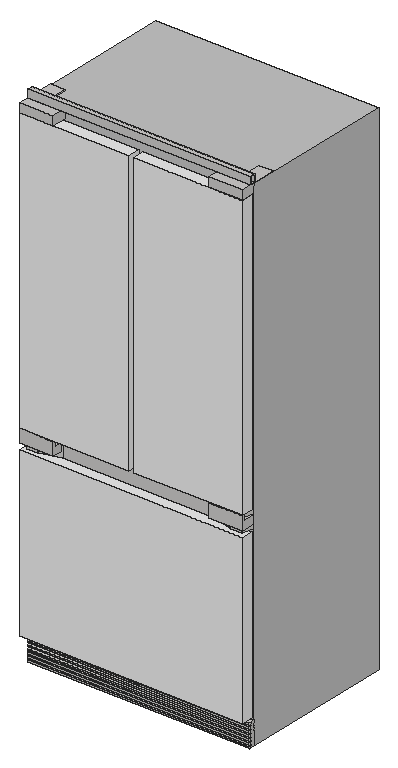
Revit family "FP_Revit_18_RS32A72J1_Fridge_90001163A", category Specialty Equipment, Revit 2018 (continued)
Definition of nested family "F&P Handle Kit - Contemporary Square - Vertical"
  Lines and regions (mm)
    sketch lines
      curve 6: line (8, -29.487, -363.5) -> (8, -40.5, -363.5)
      curve 7: arc (6.5, -42, -363.5) -> (7.561, -41.561, -363.5) -> (8, -40.5, -363.5) r 1.5
      curve 8: line (6.5, -42, -363.5) -> (-6.5, -42, -363.5)
      curve 9: arc (-8, -40.5, -363.5) -> (-7.561, -41.561, -363.5) -> (-6.5, -42, -363.5) r 1.5
      curve 10: line (-8, -40.5, -363.5) -> (-8, -29.514, -363.5)
  Dimensions and locks
    equal spacing: plane 4 "Top", level, plane 5 "Bottom"
    "Handle - Length": plane 4 "Top" to plane 5 "Bottom"
    locked: plane 4 "Top" to plane 6 "Top Standoff" at 120
    locked: plane 7 "Bottom Standoff" to plane 5 "Bottom" at 120
    aligned and locked: level to plane 2
    aligned and locked: plane 4 "Top" to Extrusion 2
    aligned and locked: Extrusion 2 to plane 6 "Top Standoff"
    aligned and locked: plane 4 "Top" to Extrusion 1
    aligned and locked: Extrusion 1 to plane 5 "Bottom"
    aligned and locked: Extrusion 3 to plane 5 "Bottom"
    aligned and locked: plane 7 "Bottom Standoff" to Extrusion 3
    aligned and locked: plane 4 "Top" to Extrusion 8 sketch curve
    aligned and locked: plane 6 "Top Standoff" to Extrusion 8 sketch curve
    aligned and locked: plane 7 "Bottom Standoff" to Extrusion 8 sketch curve
    aligned and locked: plane 5 "Bottom" to Extrusion 8 sketch curve
    aligned and locked: plane 1 "Center (Front/Back)" to Extrusion 8 sketch curve  (x2)
  Automatic sketch dimensions
    Extrusion 1 sketch curve to plane 3 "Center (Left/Right)" = 8 mm
    Extrusion 1 sketch curve to Extrusion 1 sketch curve = 1 mm  (x2)
    Extrusion 1 sketch curve to Extrusion 1 sketch curve = 1.5 mm
    plane 3 "Center (Left/Right)" to Extrusion 1 sketch curve = 0.018 mm
    plane 3 "Center (Left/Right)" to Extrusion 1 sketch curve = 6.5 mm
    plane 3 "Center (Left/Right)" to Extrusion 1 sketch curve = 7 mm
    plane 1 "Center (Front/Back)" to Extrusion 1 sketch curve = 42 mm
    Extrusion 1 sketch curve to Extrusion 1 sketch curve = 1.206 mm
    Extrusion 1 sketch curve to Extrusion 1 sketch curve = 10.986 mm
    Extrusion 1 sketch curve to Extrusion 1 sketch curve = 11.013 mm
    Extrusion 1 sketch curve to Extrusion 1 sketch curve = 0 mm
    plane 1 "Center (Front/Back)" to Extrusion 2 sketch curve = 0 mm
    Extrusion 2 sketch curve to plane 3 "Center (Left/Right)" = 7.674 mm
    Extrusion 2 sketch curve to Extrusion 2 sketch curve = 0.4 mm  (x2)
    Extrusion 2 sketch curve to plane 3 "Center (Left/Right)" = 0.026 mm
    plane 3 "Center (Left/Right)" to Extrusion 2 sketch curve = 7.274 mm
    plane 1 "Center (Front/Back)" to Extrusion 2 sketch curve = 27.86 mm
    Extrusion 2 sketch curve to Extrusion 2 sketch curve = 0.033 mm
    Extrusion 2 sketch curve to Extrusion 2 sketch curve = 11.398 mm
    Extrusion 2 sketch curve to Extrusion 2 sketch curve = 0 mm
    plane 1 "Center (Front/Back)" to Extrusion 3 sketch curve = 0 mm
    Extrusion 3 sketch curve to Extrusion 3 sketch curve = 0.4 mm  (x2)
    Extrusion 3 sketch curve to Extrusion 3 sketch curve = 7.248 mm
    Extrusion 3 sketch curve to Extrusion 3 sketch curve = 7.3 mm
    plane 1 "Center (Front/Back)" to Extrusion 3 sketch curve = 27.86 mm
    Extrusion 3 sketch curve to Extrusion 3 sketch curve = 0.033 mm
    Extrusion 3 sketch curve to Extrusion 3 sketch curve = 11.398 mm
    Extrusion 3 sketch curve to Extrusion 3 sketch curve = 0 mm
    Sweep 4 sketch curve to profile plane = 0 mm  (x2)
    Sweep 4 sketch curve to profile plane = 1.3 mm  (x2)
    Sweep 5 sketch curve to profile plane = 0 mm  (x2)
    Sweep 5 sketch curve to profile plane = 1.3 mm  (x2)
    Extrusion 6 sketch curve to plane 5 "Bottom" = 0 mm  (x2)
    plane 5 "Bottom" to Extrusion 6 sketch curve = 1.3 mm  (x2)
    Extrusion 6 sketch curve to plane 3 "Center (Left/Right)" = 8 mm
    Extrusion 6 sketch curve to Extrusion 6 sketch curve = 1.3 mm  (x2)
    plane 3 "Center (Left/Right)" to Extrusion 6 sketch curve = 8 mm
    Extrusion 7 sketch curve to plane 4 "Top" = 0 mm  (x2)
    Extrusion 7 sketch curve to plane 3 "Center (Left/Right)" = 8 mm
    Extrusion 7 sketch curve to Extrusion 7 sketch curve = 1.3 mm  (x2)
    plane 3 "Center (Left/Right)" to Extrusion 7 sketch curve = 8 mm
    Extrusion 7 sketch curve to plane 4 "Top" = 1.3 mm  (x2)
    plane 1 "Center (Front/Back)" to Extrusion 8 sketch curve = 26.245 mm
    plane 1 "Center (Front/Back)" to Extrusion 8 sketch curve = 42 mm
    Extrusion 3 sketch curve to plane 3 "Center (Left/Right)" = 7.674 mm
Definition of nested family "F&P Handle Kit - Professional Round - Horizontal"
  Parameters (values of type "AHCRS3272A - Professional round handle (2 of 2) (Horizontal) 646mm")
    URL = "www.fisherpaykel.com"
    Material - Standoff = none
    Material - Handle = none
    Manufacturer = "Fisher & Paykel Appliances"
    Handle - Length = 646 mm
  Types (5, lengths in mm): name | Handle - Length
    AHCRD2484W - Professional round handle (2 of 2) (Horizontal) 428mm | 428
    AHCRD3084W - Professional round handle (2 of 2) (Horizontal) 580mm | 646
    AHCRS3272A - Professional round handle (2 of 2) (Horizontal) 646mm | 646
    AHCRS36A - Professional round handle (2 of 2) (Horizontal) 746mm | 746
    AHCRS3272A - Professional round handle (2 of 2) (Horizontal) 580mm | 646
  Reference planes
    plane 1 "Center (Front/Back)": y = 0
    plane 2: z = 0
    plane 3 "Center (Left/Right)": x = 0
    plane 4 "Product LHS": x = -323
    plane 5 "Product RHS": x = 323
    plane 6 "LHS Standoff": x = -279
    plane 7 "RHS Standoff": x = 279
  Forms (mm)
    Extrusion 1, solid, material <- "Material - Standoff", detail levels fine
      sketch origin (0, 0, 0) x (0, 1, 0) y (0, 0, 1)
        loop
          line (0, 18.5) -> (-41.7, 18.5)
          arc (-41.7, 18.5) -> (-60.2, 0) -> (-41.7, -18.5) r 18.5
          line (-41.7, -18.5) -> (0, -18.5) -> (0, 18.5)
      from 279 to 323
    Extrusion 2, solid, material <- "Material - Standoff", detail levels fine
      sketch origin (0, 0, 0) x (0, 1, 0) y (0, 0, 1)
        loop
          line (0, 18.5) -> (-41.7, 18.5)
          arc (-41.7, 18.5) -> (-60.2, 0) -> (-41.7, -18.5) r 18.5
          line (-41.7, -18.5) -> (0, -18.5) -> (0, 18.5)
      from -323 to -279
    Sweep 3, void
      path in 3D
        loop
          line (323, 0, 18.5) -> (323, -41.7, 18.5)
          arc (323, -41.7, 18.5) -> (323, -60.2, 0) -> (323, -41.7, -18.5) r 18.5
          line (323, -41.7, -18.5) -> (323, 0, -18.5)
      profile origin (323, -20.85, 18.5) x (1, 0, 0) y (0, 0, 1)
        loop
          line (0, 0) -> (-3, 0) -> (0, -3) -> (0, 0)
    Sweep 4, void
      path in 3D
        loop
          line (-323, 0, -18.5) -> (-323, -41.7, -18.5)
          arc (-323, -41.7, -18.5) -> (-323, -60.2, 0) -> (-323, -41.7, 18.5) r 18.5
          line (-323, -41.7, 18.5) -> (-323, 0, 18.5)
      profile origin (-323, -20.85, 18.5) x (-1, 0, 0) y (0, 0, 1)
        loop
          line (0, 0) -> (-3, 0) -> (0, -3) -> (0, 0)
    Extrusion 5, solid, material <- "Material - Handle"
      sketch origin (0, -2.3, 0) x (0, 1, 0) y (0, 0, 1)
        loop
          circle (-39.4, 0) r 12.7
      from -279 to 279
    Extrusion 6, solid, material <- "Material - Standoff", detail levels coarse+medium
      sketch origin (0, 0, 0) x (0, 1, 0) y (0, 0, 1)
        loop
          line (0, 18.5) -> (-41.7, 18.5)
          arc (-41.7, 18.5) -> (-60.2, 0) -> (-41.7, -18.5) r 18.5
          line (-41.7, -18.5) -> (0, -18.5) -> (0, 18.5)
      from 323 to 279
    Extrusion 7, solid, material <- "Material - Standoff", detail levels coarse+medium
      sketch origin (0, 0, 0) x (0, 1, 0) y (0, 0, 1)
        loop
          line (0, 18.5) -> (-41.7, 18.5)
          arc (-41.7, 18.5) -> (-60.2, 0) -> (-41.7, -18.5) r 18.5
          line (-41.7, -18.5) -> (0, -18.5) -> (0, 18.5)
      from -279 to -323
  Cuts and joins
    Sweep 3 cuts Extrusion 1
    Sweep 4 cuts Extrusion 2
  Lines and regions (mm)
    sketch lines
      curve 1: line (323, 0, 18.5) -> (323, -41.7, 18.5)
      curve 2: arc (323, -41.7, -18.5) -> (323, -60.2, 0) -> (323, -41.7, 18.5) r 18.5
      curve 3: line (323, -41.7, -18.5) -> (323, 0, -18.5)
      curve 4: line (-323, -41.7, 18.5) -> (-323, 0, 18.5)
      curve 5: arc (-323, -41.7, 18.5) -> (-323, -60.2, 0) -> (-323, -41.7, -18.5) r 18.5
      curve 6: line (-323, 0, -18.5) -> (-323, -41.7, -18.5)
  Dimensions and locks
    equal spacing: plane 4 "Product LHS", plane 3 "Center (Left/Right)", plane 5 "Product RHS"
    "Handle - Length": plane 4 "Product LHS" to plane 5 "Product RHS"
    plane 4 "Product LHS" to plane 6 "LHS Standoff" = 44 mm
    plane 7 "RHS Standoff" to plane 5 "Product RHS" = 44 mm
    aligned and locked: level to plane 2
    aligned and locked: Extrusion 1 to plane 7 "RHS Standoff"
    aligned and locked: Extrusion 1 to plane 5 "Product RHS"
    aligned and locked: plane 4 "Product LHS" to Extrusion 2
    aligned and locked: plane 6 "LHS Standoff" to Extrusion 2
    aligned and locked: Extrusion 5 to plane 6 "LHS Standoff"
    aligned and locked: plane 7 "RHS Standoff" to Extrusion 5
    aligned and locked: plane 5 "Product RHS" to Extrusion 6
    aligned and locked: plane 7 "RHS Standoff" to Extrusion 6
    aligned and locked: Extrusion 7 to plane 4 "Product LHS"
    aligned and locked: Extrusion 7 to plane 6 "LHS Standoff"
  Automatic sketch dimensions
    Extrusion 1 sketch curve to level = 0 mm
    Extrusion 1 sketch curve to plane 1 "Center (Front/Back)" = 0 mm
    Extrusion 1 sketch curve to level = 18.5 mm
    plane 1 "Center (Front/Back)" to Extrusion 1 sketch curve = 41.7 mm
    Extrusion 2 sketch curve to level = 0 mm
    Extrusion 2 sketch curve to plane 1 "Center (Front/Back)" = 0 mm
    Extrusion 2 sketch curve to level = 18.5 mm
    plane 1 "Center (Front/Back)" to Extrusion 2 sketch curve = 41.7 mm
    Sweep 3 sketch curve to profile plane = 0 mm
    profile plane to Sweep 3 sketch curve = 0 mm
    profile plane to Sweep 3 sketch curve = 3 mm
    Sweep 3 sketch curve to profile plane = 3 mm
    Sweep 4 sketch curve to profile plane = 0 mm  (x2)
    profile plane to Sweep 4 sketch curve = 3 mm
    Sweep 4 sketch curve to profile plane = 3 mm
    Extrusion 5 sketch curve to level = 0 mm
    plane 1 "Center (Front/Back)" to Extrusion 5 sketch curve = 41.7 mm
    Extrusion 6 sketch curve to level = 0 mm
    level to Extrusion 6 sketch curve = 18.5 mm
    plane 1 "Center (Front/Back)" to Extrusion 6 sketch curve = 41.7 mm
    Extrusion 6 sketch curve to Extrusion 6 sketch curve = 41.7 mm
    Extrusion 7 sketch curve to level = 0 mm
    level to Extrusion 7 sketch curve = 18.5 mm
    plane 1 "Center (Front/Back)" to Extrusion 7 sketch curve = 41.7 mm
    Extrusion 7 sketch curve to Extrusion 7 sketch curve = 41.7 mm
    radius of Extrusion 5 sketch curve = 12.7 mm
Definition of nested family "F&P Handle Kit - Professional Round - Vertical"
  Parameters (values of type "AHCRS36A - Professional round handle (1 of 2) (Vertical) 661mm")
    URL = "www.fisherpaykel.com"
    Material - Standoff = none
    Material - Handle = none
    Manufacturer = "Fisher & Paykel Appliances"
    Handle - Length = 661 mm
  Types (5, lengths in mm): name | Handle - Length
    AHCRD2484W - Professional round handle (1 of 2) (Vertical) 661mm | 661
    AHCRD3084W - Professional round handle (1 of 2) (Vertical) 661mm | 661
    AHC-RD84 - Professional round handle (Vertical) 786mm | 786
    AHCRS3272A - Professional round handle (1 of 2) (Vertical) 661mm | 661
    AHCRS36A - Professional round handle (1 of 2) (Vertical) 661mm | 661
  Reference planes
    plane 1 "Center (Front/Back)": y = 0
    plane 2: z = 0
    plane 3 "Center (Left/Right)": x = 0
    plane 4 "Top": z = 330.5
    plane 5 "Bottom": z = -330.5
    plane 6 "Top Standoff": z = 286.5
    plane 7 "Bottom Standoff": z = -286.5
  Forms (mm)
    Extrusion 1, solid, material <- "Material - Standoff", detail levels fine
      sketch origin (0, 0, 0) x (1, 0, 0) y (0, 1, 0)
        loop
          line (-18.5, 0) -> (-18.5, -41.7)
          arc (-18.5, -41.7) -> (0, -60.2) -> (18.5, -41.7) r 18.5
          line (18.5, -41.7) -> (18.5, 0) -> (-18.5, 0)
      from 286.5 to 330.5
    Extrusion 2, solid, material <- "Material - Standoff", detail levels fine
      sketch origin (0, 0, 0) x (1, 0, 0) y (0, 1, 0)
        loop
          line (-18.5, 0) -> (-18.5, -41.7)
          arc (-18.5, -41.7) -> (0, -60.2) -> (18.5, -41.7) r 18.5
          line (18.5, -41.7) -> (18.5, 0) -> (-18.5, 0)
      from -330.5 to -286.5
    Extrusion 3, solid, material <- "Material - Handle"
      sketch origin (0, 0, 0) x (1, 0, 0) y (0, 1, 0)
        loop
          circle (0, -41.7) r 12.7
      from -286.5 to 286.5
    Sweep 4, void
      path in 3D
        loop
          line (-18.5, 0, 330.5) -> (-18.5, -41.7, 330.5)
          arc (-18.5, -41.7, 330.5) -> (0, -60.2, 330.5) -> (18.5, -41.7, 330.5) r 18.5
          line (18.5, -41.7, 330.5) -> (18.5, 0, 330.5)
      profile origin (18.5, -20.85, 330.5) x (-1, 0, 0) y (0, 0, 1)
        loop
          line (0, 0) -> (0, -3) -> (3, 0) -> (0, 0)
    Sweep 5, void
      path in 3D
        loop
          line (18.5, 0, -330.5) -> (18.5, -41.7, -330.5)
          arc (18.5, -41.7, -330.5) -> (0, -60.2, -330.5) -> (-18.5, -41.7, -330.5) r 18.5
          line (-18.5, -41.7, -330.5) -> (-18.5, 0, -330.5)
      profile origin (18.5, -20.85, -330.5) x (-1, 0, 0) y (0, 0, -1)
        loop
          line (0, 0) -> (0, -3) -> (3, 0) -> (0, 0)
    Extrusion 6, solid, material <- "Material - Standoff", detail levels coarse+medium
      sketch origin (0, 0, 0) x (1, 0, 0) y (0, 1, 0)
        loop
          line (-18.5, 0) -> (-18.5, -41.7)
          arc (-18.5, -41.7) -> (0, -60.2) -> (18.5, -41.7) r 18.5
          line (18.5, -41.7) -> (18.5, 0) -> (-18.5, 0)
      from 286.5 to 330.5
    Extrusion 7, solid, material <- "Material - Standoff", detail levels coarse+medium
      sketch origin (0, 0, 0) x (1, 0, 0) y (0, 1, 0)
        loop
          line (-18.5, 0) -> (-18.5, -41.7)
          arc (-18.5, -41.7) -> (0, -60.2) -> (18.5, -41.7) r 18.5
          line (18.5, -41.7) -> (18.5, 0) -> (-18.5, 0)
      from -330.5 to -286.5
  Cuts and joins
    Sweep 4 cuts Extrusion 1
    Sweep 5 cuts Extrusion 2
  Lines and regions (mm)
    sketch lines
      curve 1: line (18.5, -41.7, 330.5) -> (18.5, 0, 330.5)
      curve 2: arc (18.5, -41.7, 330.5) -> (0, -60.2, 330.5) -> (-18.5, -41.7, 330.5) r 18.5
      curve 3: line (-18.5, 0, 330.5) -> (-18.5, -41.7, 330.5)
      curve 4: line (18.5, 0, -330.5) -> (18.5, -41.7, -330.5)
      curve 5: arc (-18.5, -41.7, -330.5) -> (0, -60.2, -330.5) -> (18.5, -41.7, -330.5) r 18.5
      curve 6: line (-18.5, -41.7, -330.5) -> (-18.5, 0, -330.5)
  Dimensions and locks
    equal spacing: plane 4 "Top", level, plane 5 "Bottom"
    "Handle - Length": plane 4 "Top" to plane 5 "Bottom"
    plane 4 "Top" to plane 6 "Top Standoff" = 44 mm
    plane 7 "Bottom Standoff" to plane 5 "Bottom" = 44 mm
    aligned and locked: level to plane 2
    aligned and locked: plane 4 "Top" to Extrusion 1
    aligned and locked: Extrusion 1 to plane 6 "Top Standoff"
    aligned and locked: Extrusion 2 to plane 5 "Bottom"
    aligned and locked: plane 7 "Bottom Standoff" to Extrusion 2
    aligned and locked: plane 6 "Top Standoff" to Extrusion 3
    aligned and locked: Extrusion 3 to plane 7 "Bottom Standoff"
    aligned and locked: plane 4 "Top" to Extrusion 6
    aligned and locked: Extrusion 7 to plane 5 "Bottom"
    aligned and locked: plane 7 "Bottom Standoff" to Extrusion 7
    aligned and locked: Extrusion 6 to plane 6 "Top Standoff"
  Automatic sketch dimensions
    plane 1 "Center (Front/Back)" to Extrusion 1 sketch curve = 0 mm
    Extrusion 1 sketch curve to plane 3 "Center (Left/Right)" = 0 mm
    Extrusion 1 sketch curve to plane 3 "Center (Left/Right)" = 18.5 mm
    plane 1 "Center (Front/Back)" to Extrusion 1 sketch curve = 41.7 mm
    plane 1 "Center (Front/Back)" to Extrusion 2 sketch curve = 0 mm
    Extrusion 2 sketch curve to plane 3 "Center (Left/Right)" = 0 mm
    Extrusion 2 sketch curve to plane 3 "Center (Left/Right)" = 18.5 mm
    plane 1 "Center (Front/Back)" to Extrusion 2 sketch curve = 41.7 mm
    Extrusion 3 sketch curve to plane 3 "Center (Left/Right)" = 0 mm
    plane 1 "Center (Front/Back)" to Extrusion 3 sketch curve = 41.7 mm
    Sweep 4 sketch curve to profile plane = 0 mm  (x2)
    Sweep 4 sketch curve to profile plane = 3 mm  (x2)
    Sweep 5 sketch curve to profile plane = 0 mm  (x2)
    Sweep 5 sketch curve to profile plane = 3 mm  (x2)
    Extrusion 6 sketch curve to plane 3 "Center (Left/Right)" = 0 mm
    Extrusion 6 sketch curve to plane 3 "Center (Left/Right)" = 18.5 mm
    plane 1 "Center (Front/Back)" to Extrusion 6 sketch curve = 41.7 mm
    Extrusion 6 sketch curve to Extrusion 6 sketch curve = 41.7 mm
    Extrusion 7 sketch curve to plane 3 "Center (Left/Right)" = 0 mm
    Extrusion 7 sketch curve to plane 3 "Center (Left/Right)" = 18.5 mm
    plane 1 "Center (Front/Back)" to Extrusion 7 sketch curve = 41.7 mm
    Extrusion 7 sketch curve to Extrusion 7 sketch curve = 41.7 mm
    radius of Extrusion 3 sketch curve = 12.7 mm
Definition of nested family "F&P Handle Kit - Professional Square - Horizontal"
  Parameters (values of type "AHV2RS36A - Professional square handle (2 of 2) (Horizontal) 686mm")
    URL = "www.fisherpaykel.com"
    Material - Handle = none
    Manufacturer = "Fisher & Paykel Appliances"
    Handle - Length = 686 mm
  Types (5, lengths in mm): name | Handle - Length
    (no name) | 686
    AHV2RD2484W - Professional square handle (2 of 2) (Horizontal) 434mm | 434
    AHV2RD3084W - Professional square handle (2 of 2) (Horizontal) 586mm | 586
    AHV2RS3272A - Professional square handle (2 of 2) (Horizontal) 586mm | 586
    AHV2RS36A - Professional square handle (2 of 2) (Horizontal) 686mm | 686
  Reference planes
    plane 1 "Center (Front/Back)": y = 0
    plane 2: z = 0
    plane 3 "Center (Left/Right)": x = 0
    plane 4 "Product LHS": x = -343
    plane 5 "Product RHS": x = 343
    plane 6 "LHS Standoff": x = -293
    plane 7 "RHS Standoff": x = 293
  Forms (mm)
    Extrusion 1, solid, material <- "Material - Handle", detail levels fine
      sketch origin (0, 0, 0) x (1, 0, 0) y (0, 1, 0)
        loop
          line (-343, 0) -> (-343, -40)
          arc (-343, -40) -> (-340.071, -47.071) -> (-333, -50) r 10
          line (-333, -50) -> (-293, -50) -> (-293, 0) -> (-343, 0)
        loop
          line (343, 0) -> (293, 0) -> (293, -50) -> (333, -50)
          arc (333, -50) -> (340.071, -47.071) -> (343, -40) r 10
          line (343, -40) -> (343, 0)
      from -17.5 to 17.5
    Extrusion 2, solid, material <- "Material - Handle", detail levels fine
      sketch origin (0, 0, 0) x (0, 1, 0) y (0, 0, 1)
        loop
          line (-36.787, 15.5) -> (-46.472, 15.5) -> (-47.8, 14.172) -> (-47.8, -14.172) -> (-46.472, -15.5) -> (-36.787, -15.5)
          arc (-36.787, -15.5) -> (-32.3, 0) -> (-36.787, 15.5) r 29.013
      from -293 to 293
    Sweep 3, void
      path in 3D
        loop
          line (293, -50, 17.5) -> (333, -50, 17.5)
          arc (333, -50, 17.5) -> (340.071, -47.071, 17.5) -> (343, -40, 17.5) r 10
          line (343, -40, 17.5) -> (343, 0, 17.5)
      profile origin (343, -20, 17.5) x (-1, 0, 0) y (0, 0, 1)
        loop
          line (0, 0) -> (0, -2.5) -> (2.5, 0) -> (0, 0)
    Sweep 4, void
      path in 3D
        loop
          line (343, 0, -17.5) -> (343, -40, -17.5)
          arc (343, -40, -17.5) -> (340.071, -47.071, -17.5) -> (333, -50, -17.5) r 10
          line (333, -50, -17.5) -> (293, -50, -17.5)
      profile origin (343, -20, -17.5) x (-1, 0, 0) y (0, 0, -1)
        loop
          line (0, 0) -> (0, -2.5) -> (2.5, 0) -> (0, 0)
    Sweep 5, void
      path in 3D
        loop
          line (-343, 0, 17.5) -> (-343, -40, 17.5)
          arc (-343, -40, 17.5) -> (-340.071, -47.071, 17.5) -> (-333, -50, 17.5) r 10
          line (-333, -50, 17.5) -> (-293, -50, 17.5)
      profile origin (-343, -20, 17.5) x (1, 0, 0) y (0, 0, 1)
        loop
          line (0, 0) -> (0, -2.5) -> (2.5, 0) -> (0, 0)
    Sweep 6, void
      path in 3D
        loop
          line (-293, -50, -17.5) -> (-333, -50, -17.5)
          arc (-333, -50, -17.5) -> (-340.071, -47.071, -17.5) -> (-343, -40, -17.5) r 10
          line (-343, -40, -17.5) -> (-343, 0, -17.5)
      profile origin (-343, -20, -17.5) x (1, 0, 0) y (0, 0, -1)
        loop
          line (0, 0) -> (0, -2.5) -> (2.5, 0) -> (0, 0)
    Extrusion 7, solid, material <- "Material - Handle", detail levels coarse+medium
      sketch origin (0, 0, 0) x (1, 0, 0) y (0, 1, 0)
        loop
          line (-293, 0) -> (-343, 0) -> (-343, -40)
          arc (-343, -40) -> (-340.071, -47.071) -> (-333, -50) r 10
          line (-333, -50) -> (333, -50)
          arc (333, -50) -> (340.071, -47.071) -> (343, -40) r 10
          line (343, -40) -> (343, 0) -> (293, 0) -> (293, -32) -> (-293, -32) -> (-293, 0)
      from -17.5 to 17.5
  Cuts and joins
    Sweep 3, Sweep 4, Sweep 5, Sweep 6 cuts Extrusion 1
  Lines and regions (mm)
    sketch lines
      curve 1: line (343, -40, 17.5) -> (343, 0, 17.5)
      curve 2: arc (343, -40, 17.5) -> (340.071, -47.071, 17.5) -> (333, -50, 17.5) r 10
      curve 3: line (293, -50, 17.5) -> (333, -50, 17.5)
      curve 4: line (343, 0, -17.5) -> (343, -40, -17.5)
      curve 5: arc (333, -50, -17.5) -> (340.071, -47.071, -17.5) -> (343, -40, -17.5) r 10
      curve 6: line (333, -50, -17.5) -> (293, -50, -17.5)
      curve 7: line (-343, 0, 17.5) -> (-343, -40, 17.5)
      curve 8: arc (-333, -50, 17.5) -> (-340.071, -47.071, 17.5) -> (-343, -40, 17.5) r 10
      curve 9: line (-333, -50, 17.5) -> (-293, -50, 17.5)
      curve 10: line (-343, -40, -17.5) -> (-343, 0, -17.5)
      curve 11: arc (-343, -40, -17.5) -> (-340.071, -47.071, -17.5) -> (-333, -50, -17.5) r 10
      curve 12: line (-293, -50, -17.5) -> (-333, -50, -17.5)
  Dimensions and locks
    equal spacing: plane 4 "Product LHS", plane 3 "Center (Left/Right)", plane 5 "Product RHS"
    "Handle - Length": plane 4 "Product LHS" to plane 5 "Product RHS"
    plane 4 "Product LHS" to plane 6 "LHS Standoff" = 50 mm
    plane 7 "RHS Standoff" to plane 5 "Product RHS" = 50 mm
    aligned and locked: level to plane 2
    aligned and locked: plane 5 "Product RHS" to Extrusion 1 sketch curve
    aligned and locked: Extrusion 1 sketch curve to plane 1 "Center (Front/Back)"
    aligned and locked: plane 1 "Center (Front/Back)" to Extrusion 1 sketch curve
    aligned and locked: Extrusion 1 sketch curve to plane 6 "LHS Standoff"
    aligned and locked: Extrusion 1 sketch curve to plane 7 "RHS Standoff"
    aligned and locked: plane 7 "RHS Standoff" to Extrusion 2
    aligned and locked: Extrusion 2 to plane 6 "LHS Standoff"
    aligned and locked: plane 5 "Product RHS" to Extrusion 7 sketch curve
    aligned and locked: Extrusion 7 sketch curve to plane 7 "RHS Standoff"
    aligned and locked: plane 6 "LHS Standoff" to Extrusion 7 sketch curve
    aligned and locked: plane 4 "Product LHS" to Extrusion 7 sketch curve
    aligned and locked: Extrusion 7 sketch curve to plane 1 "Center (Front/Back)"
    aligned and locked: plane 1 "Center (Front/Back)" to Extrusion 7 sketch curve
  Automatic sketch dimensions
    Extrusion 1 sketch curve to plane 4 "Product LHS" = 0 mm
    Extrusion 1 sketch curve to plane 4 "Product LHS" = 10 mm
    plane 5 "Product RHS" to Extrusion 1 sketch curve = 10 mm
    Extrusion 1 sketch curve to Extrusion 1 sketch curve = 40 mm  (x2)
    level to Extrusion 2 sketch curve = 0 mm
    plane 1 "Center (Front/Back)" to Extrusion 2 sketch curve = 61.313 mm
    Extrusion 2 sketch curve to Extrusion 2 sketch curve = 13.513 mm
    Extrusion 2 sketch curve to Extrusion 2 sketch curve = 1.328 mm  (x4)
    Extrusion 2 sketch curve to Extrusion 2 sketch curve = 9.684 mm  (x2)
    Extrusion 2 sketch curve to Extrusion 2 sketch curve = 14.172 mm
    Sweep 3 sketch curve to profile plane = 0 mm  (x2)
    Sweep 3 sketch curve to profile plane = 2.5 mm  (x2)
    Sweep 4 sketch curve to profile plane = 0 mm  (x2)
    Sweep 4 sketch curve to profile plane = 2.5 mm  (x2)
    profile plane to Sweep 5 sketch curve = 0 mm
    Sweep 5 sketch curve to profile plane = 0 mm
    Sweep 5 sketch curve to profile plane = 2.5 mm  (x2)
    profile plane to Sweep 6 sketch curve = 0 mm
    Sweep 6 sketch curve to profile plane = 0 mm
    Sweep 6 sketch curve to profile plane = 2.5 mm  (x2)
    Extrusion 7 sketch curve to plane 4 "Product LHS" = 10 mm
    plane 5 "Product RHS" to Extrusion 7 sketch curve = 10 mm
    plane 1 "Center (Front/Back)" to Extrusion 7 sketch curve = 32 mm
    plane 1 "Center (Front/Back)" to Extrusion 7 sketch curve = 40 mm
Definition of nested family "F&P Handle Kit - Professional Square - Vertical"
  Parameters (values of type "AHV2RS36A - Professional square handle (1 of 2) (Vertical) 727mm")
    URL = "www.fisherpaykel.com"
    Material - Handle = none
    Manufacturer = "Fisher & Paykel Appliances"
    Handle - Length = 727 mm
  Types (6, lengths in mm): name | Handle - Length
    (no name) | 727
    AHV2RD2484W - Professional square handle (1 of 2) (Vertical) 727mm | 727
    AHV2RD3084W - Professional square handle (1 of 2) (Vertical) 727mm | 727
    AHV2-RD84 - Professional square handle (Vertical) 792mm | 792
    AHV2RS3272A - Professional square handle (1 of 2) (Vertical) 727mm | 727
    AHV2RS36A - Professional square handle (1 of 2) (Vertical) 727mm | 727
  Reference planes
    plane 1 "Center (Front/Back)": y = 0
    plane 2: z = 0
    plane 3 "Center (Left/Right)": x = 0
    plane 4 "Top": z = 363.5
    plane 5 "Bottom": z = -363.5
    plane 6 "Top Standoff": z = 313.5
    plane 7 "Bottom Standoff": z = -313.5
  Forms (mm)
    Extrusion 1, solid, material <- "Material - Handle", detail levels fine
      sketch origin (0, 0, 0) x (0, 1, 0) y (0, 0, 1)
        loop
          line (0, 363.5) -> (-40, 363.5)
          arc (-40, 363.5) -> (-47.071, 360.571) -> (-50, 353.5) r 10
          line (-50, 353.5) -> (-50, 313.5) -> (0, 313.5) -> (0, 363.5)
        loop
          line (0, -363.5) -> (0, -313.5) -> (-50, -313.5) -> (-50, -353.5)
          arc (-50, -353.5) -> (-47.071, -360.571) -> (-40, -363.5) r 10
          line (-40, -363.5) -> (0, -363.5)
      from -17.5 to 17.5
    Sweep 2, void
      path in 3D
        loop
          line (17.5, 0, 363.5) -> (17.5, -40, 363.5)
          arc (17.5, -40, 363.5) -> (17.5, -47.071, 360.571) -> (17.5, -50, 353.5) r 10
          line (17.5, -50, 353.5) -> (17.5, -50, 313.5)
      profile origin (17.5, -20, 363.5) x (1, 0, 0) y (0, 0, 1)
        loop
          line (0, 0) -> (-2.5, 0) -> (0, -2.5) -> (0, 0)
    Sweep 3, void
      path in 3D
        loop
          line (-17.5, -50, 313.5) -> (-17.5, -50, 353.5)
          arc (-17.5, -50, 353.5) -> (-17.5, -47.071, 360.571) -> (-17.5, -40, 363.5) r 10
          line (-17.5, -40, 363.5) -> (-17.5, 0, 363.5)
      profile origin (-17.5, -20, 363.5) x (-1, 0, 0) y (0, 0, 1)
        loop
          line (0, 0) -> (-2.5, 0) -> (0, -2.5) -> (0, 0)
    Sweep 4, void
      path in 3D
        loop
          line (17.5, -50, -313.5) -> (17.5, -50, -353.5)
          arc (17.5, -50, -353.5) -> (17.5, -47.071, -360.571) -> (17.5, -40, -363.5) r 10
          line (17.5, -40, -363.5) -> (17.5, 0, -363.5)
      profile origin (17.5, -20, -363.5) x (1, 0, 0) y (0, 0, -1)
        loop
          line (0, 0) -> (-2.5, 0) -> (0, -2.5) -> (0, 0)
    Sweep 5, void
      path in 3D
        loop
          line (-17.5, 0, -363.5) -> (-17.5, -40, -363.5)
          arc (-17.5, -40, -363.5) -> (-17.5, -47.071, -360.571) -> (-17.5, -50, -353.5) r 10
          line (-17.5, -50, -353.5) -> (-17.5, -50, -313.5)
      profile origin (-17.5, -20, -363.5) x (-1, 0, 0) y (0, 0, -1)
        loop
          line (0, 0) -> (-2.5, 0) -> (0, -2.5) -> (0, 0)
    Extrusion 6, solid, material <- "Material - Handle", detail levels fine
      sketch origin (0, 0, 0) x (1, 0, 0) y (0, 1, 0)
        loop
          line (-15.5, -36.737) -> (-15.5, -46.422) -> (-14.172, -47.75) -> (14.172, -47.75) -> (15.5, -46.422) -> (15.5, -36.737)
          arc (15.5, -36.737) -> (0, -32.25) -> (-15.5, -36.737) r 29.013
      from -313.5 to 313.5
    Extrusion 7, solid, material <- "Material - Handle", detail levels coarse+medium
      sketch origin (0, 0, 0) x (0, 1, 0) y (0, 0, 1)
        loop
          line (0, 363.5) -> (-40, 363.5)
          arc (-40, 363.5) -> (-47.071, 360.571) -> (-50, 353.5) r 10
          line (-50, 353.5) -> (-50, -353.5)
          arc (-50, -353.5) -> (-47.071, -360.571) -> (-40, -363.5) r 10
          line (-40, -363.5) -> (0, -363.5) -> (0, -313.5) -> (-31.95, -313.5) -> (-31.95, 313.5) -> (0, 313.5) -> (0, 363.5)
      from -17.5 to 17.5
  Cuts and joins
    Sweep 2, Sweep 3, Sweep 4, Sweep 5 cuts Extrusion 1
  Lines and regions (mm)
    sketch lines
      curve 1: line (17.5, 0, 363.5) -> (17.5, -40, 363.5)
      curve 2: arc (17.5, -50, 353.5) -> (17.5, -47.071, 360.571) -> (17.5, -40, 363.5) r 10
      curve 3: line (17.5, -50, 353.5) -> (17.5, -50, 313.5)
      curve 4: line (-17.5, -40, 363.5) -> (-17.5, 0, 363.5)
      curve 5: arc (-17.5, -40, 363.5) -> (-17.5, -47.071, 360.571) -> (-17.5, -50, 353.5) r 10
      curve 6: line (-17.5, -50, 313.5) -> (-17.5, -50, 353.5)
      curve 7: line (17.5, -40, -363.5) -> (17.5, 0, -363.5)
      curve 8: arc (17.5, -40, -363.5) -> (17.5, -47.071, -360.571) -> (17.5, -50, -353.5) r 10
      curve 9: line (17.5, -50, -313.5) -> (17.5, -50, -353.5)
      curve 10: line (-17.5, 0, -363.5) -> (-17.5, -40, -363.5)
      curve 11: arc (-17.5, -50, -353.5) -> (-17.5, -47.071, -360.571) -> (-17.5, -40, -363.5) r 10
      curve 12: line (-17.5, -50, -353.5) -> (-17.5, -50, -313.5)
  Dimensions and locks
    equal spacing: plane 4 "Top", level, plane 5 "Bottom"
    "Handle - Length": plane 4 "Top" to plane 5 "Bottom"
    plane 7 "Bottom Standoff" to plane 5 "Bottom" = 50 mm
    plane 4 "Top" to plane 6 "Top Standoff" = 50 mm
    aligned and locked: level to plane 2
    aligned and locked: plane 4 "Top" to Extrusion 1 sketch curve
    aligned and locked: plane 5 "Bottom" to Extrusion 1 sketch curve
    aligned and locked: Extrusion 1 sketch curve to plane 1 "Center (Front/Back)"
    aligned and locked: plane 1 "Center (Front/Back)" to Extrusion 1 sketch curve
    aligned and locked: plane 6 "Top Standoff" to Extrusion 1 sketch curve
    aligned and locked: plane 7 "Bottom Standoff" to Extrusion 1 sketch curve
    aligned and locked: plane 6 "Top Standoff" to Extrusion 6
    aligned and locked: Extrusion 6 to plane 7 "Bottom Standoff"
    aligned and locked: plane 4 "Top" to Extrusion 7 sketch curve
    aligned and locked: plane 6 "Top Standoff" to Extrusion 7 sketch curve
    aligned and locked: plane 1 "Center (Front/Back)" to Extrusion 7 sketch curve
    aligned and locked: plane 7 "Bottom Standoff" to Extrusion 7 sketch curve
    aligned and locked: plane 5 "Bottom" to Extrusion 7 sketch curve
    aligned and locked: Extrusion 7 sketch curve to plane 1 "Center (Front/Back)"
  Automatic sketch dimensions
    Sweep 2 sketch curve to profile plane = 0 mm
    profile plane to Sweep 2 sketch curve = 0 mm
    profile plane to Sweep 2 sketch curve = 2.5 mm
    Sweep 2 sketch curve to profile plane = 2.5 mm
    Sweep 3 sketch curve to profile plane = 0 mm  (x2)
    profile plane to Sweep 3 sketch curve = 2.5 mm
    Sweep 3 sketch curve to profile plane = 2.5 mm
    Sweep 4 sketch curve to profile plane = 0 mm
    profile plane to Sweep 4 sketch curve = 0 mm
    profile plane to Sweep 4 sketch curve = 2.5 mm
    Sweep 4 sketch curve to profile plane = 2.5 mm
    Sweep 5 sketch curve to profile plane = 0 mm  (x2)
    profile plane to Sweep 5 sketch curve = 2.5 mm
    Sweep 5 sketch curve to profile plane = 2.5 mm
    plane 1 "Center (Front/Back)" to Extrusion 1 sketch curve = 40 mm  (x2)
    Extrusion 1 sketch curve to Extrusion 1 sketch curve = 10 mm  (x2)
    Extrusion 6 sketch curve to plane 3 "Center (Left/Right)" = 0 mm
    Extrusion 6 sketch curve to Extrusion 6 sketch curve = 1.328 mm  (x4)
    plane 1 "Center (Front/Back)" to Extrusion 6 sketch curve = 61.263 mm
    Extrusion 6 sketch curve to Extrusion 6 sketch curve = 13.513 mm
    Extrusion 6 sketch curve to Extrusion 6 sketch curve = 9.684 mm  (x2)
    Extrusion 6 sketch curve to plane 3 "Center (Left/Right)" = 14.172 mm
    plane 1 "Center (Front/Back)" to Extrusion 7 sketch curve = 31.95 mm
    plane 1 "Center (Front/Back)" to Extrusion 7 sketch curve = 40 mm  (x2)
    Extrusion 7 sketch curve to plane 4 "Top" = 10 mm
Definition of nested family "Comment Marker 2D"
  Types (3): name
    New
    Resolved
    Active
  Reference planes
    plane 1: y = 0
    plane 2: x = 0
  Text (mm)
    text "Edit Type: \nTo control handle kit \nand door panel visibility\n options\n\nDelete unwanted kits \nto reduce file size" at (-0.165, 35.556, 0)
